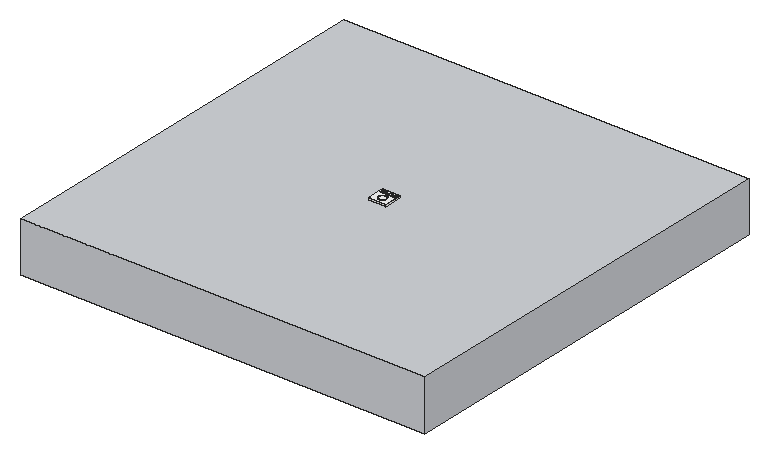
Revit family "Gira_5569920", category Elektroinstallationen, Revit 2017
Family settings
  Basisbauteil = Fläche
  Beschriftungsausrichtung beibehalten = Nein
  Bemaßung runder Anschluss = Durchmesser verwenden
  Teiletyp = Normal
  Beim Laden mit Abzugskörper schneiden = Nein
  Gemeinsam genutzt = Nein
  Raumberechnungspunkt = Nein
Parameters
  Width [m] = 0.1065
  Default Elevation = 1219.2 mm
  URL = "https://www.gira.de/"
  Typname = "Door st.mod. start-up btn System 106 stainl.steel"
  Productwebsite = "http://katalog.gira.de/en/datenblatt.html?artikelnr=5569920"
  Number of bell buttons = 1
  Installation technique = "Bus system"
  Hersteller = "Gira"
  Height [m] = 0.1065
  HAN = "5569920"
  GTIN = "4010337022459"
  Data sheet = "https://katalog.gira.de/en/download.html?artikelnr=5569920"
  Beschreibung = "Door st.mod.start-up btn S106 SST,System 106 door station module with start-up button,,stainless steel   start-up button,The Gira System 106 is an installation system made of metal in a puristic and elegant frameless design, based on basic measurements of 106.5 × 106.5 mm. With the modular door intercom in Gira System 106, hospitality begins even before you reach the front door. All the functions are presented in a harmonious overall appearance, from the call button module, intercom module, and camera module, up to the info and blank module. In the dark, backlit call buttons with inscription space ensure good legibility and an attractive appearance.,,Individually adaptable modular system, The System 106 can be used in family homes or apartment buildings, as well as in office buildings, industrial properties, and hotels. The modular design enables the system's size, design, and functionality to be individually adapted to the respective requirements. Expansions and changes are possible at any time by easily exchanging the modules.,With this system, it is also possible to exchange the fronts only. This means that the appearance of the system can be changed from e.g. traffic white to a stainless steel surface at a later stage, without having to exchange the electronic units.,,High-quality materials,The modules are frameless with design fronts made of genuine materials, available in two brushed stainless steel versions (V2A and V4A), anodised aluminium C-0, and a metal alloy lacquered in traffic white (RAL 9016): all robust materials which ensure durability. The camera and DIN 18040 display module feature a black glass cover.,,Easy and phased installation,The system can be installed in phases, in parallel to the progress of building work. In this way, it is possible to initially install only the lower part of a surface-mounted housing during construction of the shell; cables and modules can then be added when they are needed.,,Individual inscription options,Call button modules and info modules can be labelled individually via the Gira inscription service.,,Features:,- Compact intercom module with integrated call button for communication between indoors and outdoors.,- A high-quality microphone and weather-resistant speaker ensure clear communication.,- Power supply via 2-wire bus. Additional connector for AS (e.g. required for three or more camera modules).,- All other System 106 modules (except intercom module) are supplied with power via the door station module.,,Notes :,- Professional labelling with the Gira Inscription Service www.marking.gira.com."
  BIM = "https://media.stage.bim.site/public/gira/ad86d9f/T%C3%BCrstationsmod.IBN-Taste_S106.rfa?public/gira/ad86d9f/Türstationsmod.IBN-Taste_S106.rfa"
Reference planes
  plane 1 "Center (Front/Back)": y = 0
  plane 2: z = 0
  plane 3 "Center (Left/Right)": x = 0
Forms (mm)
  Extrusion 1, solid
    sketch origin (0, 0, 0) x (1, 0, 0) y (0, 1, 0)
      loop
        line (-1219.2, 1219.2) -> (-1219.2, -1219.2) -> (1219.2, -1219.2) -> (1219.2, 1219.2) -> (-1219.2, 1219.2)
    from 0 to -304.8
  Extrusion 2, solid, material "White", detail levels medium+fine
    sketch origin (0, 0, 0) x (1, 0, 0) y (0, 1, 0)
      loop
        line (-52.893, 52.893) -> (-52.893, -52.893) -> (52.893, -52.893) -> (52.893, 52.893) -> (-52.893, 52.893)
    from 0 to 6.5
  Extrusion 3, solid, material "White", detail levels fine
    sketch origin (0, 0, 0) x (1, 0, 0) y (0, 1, 0)
      loop
        line (-52.6, 52.586) -> (-52.6, 27.339) -> (52.6, 27.339) -> (52.6, 52.586) -> (-52.6, 52.586)
      loop
        line (40.266, 46.228) -> (-40.248, 46.228) -> (-40.248, 33.697) -> (40.266, 33.697) -> (40.266, 46.228)
    from 6.5 to 9.5
  Extrusion 4, solid, material "White", detail levels fine
    sketch origin (0, 0, 0) x (1, 0, 0) y (0, 1, 0)
      loop
        line (52.6, 26.01) -> (-52.6, 26.01) -> (-52.6, -52.588) -> (52.6, -52.588) -> (52.6, 26.01)
      loop
        circle (0, -13.287) r 24
    from 6.5 to 9.5
  Extrusion 5, solid, material "White", detail levels medium+fine
    sketch origin (0, 0, 0) x (1, 0, 0) y (0, 1, 0)
      loop
        line (44.5, 42.41) -> (-44.5, 42.41) -> (-44.5, -44.487) -> (44.5, -44.487) -> (44.5, 42.41)
    from 0 to -15
  Extrusion 6, solid, material "White", detail levels fine
    sketch origin (0, 0, 0) x (1, 0, 0) y (0, 1, 0)
      loop
        circle (-46.7, 39.963) r 1.8
      loop
        circle (46.7, 39.963) r 1.8
    from 9.5 to 10
  Extrusion 7, solid, material "White", detail levels fine
    sketch origin (0, 0, 0) x (1, 0, 0) y (0, 1, 0)
      loop
        line (-40.248, 33.697) -> (40.266, 33.697) -> (40.266, 46.228) -> (-40.248, 46.228) -> (-40.248, 33.697)
    from 6.5 to 9.154
  Extrusion 8, solid, material "White", detail levels fine
    sketch origin (0, 0, 0) x (1, 0, 0) y (0, 1, 0)
      loop
        circle (0, -13.287) r 22
    from 6.5 to 9.5
  Extrusion 9, solid, material "White", detail levels medium
    sketch origin (0, 0, 0) x (1, 0, 0) y (0, 1, 0)
      loop
        line (-52.6, 52.586) -> (-52.6, -52.588) -> (52.6, -52.588) -> (52.6, 52.586) -> (-52.6, 52.586)
    from 6.5 to 10
  Extrusion 10, solid, material "White", detail levels coarse
    sketch origin (0, 0, 0) x (1, 0, 0) y (0, 1, 0)
      loop
        line (-52.893, 52.893) -> (-52.893, -52.893) -> (52.893, -52.893) -> (52.893, 52.893) -> (-52.893, 52.893)
    from -15 to 10
Dimensions and locks
  aligned and locked: plane 2 to Extrusion 1
  aligned and locked: level to Extrusion 1
